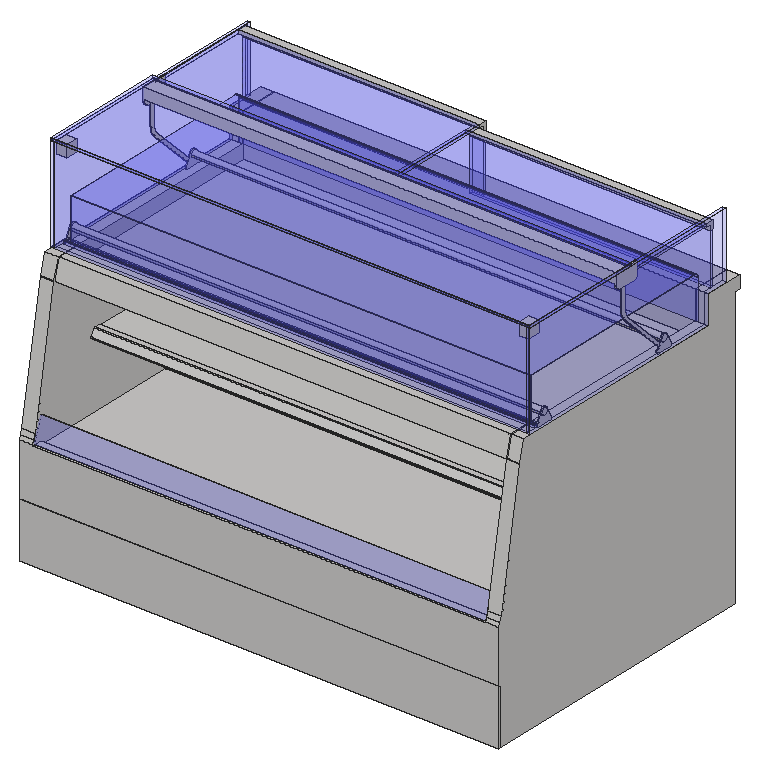
Revit family "Food-Service-Equipment_Oscartek_Gem_Combi-1500Rt_cat", category Specialty Equipment, Revit 2026
Family settings
  Round Connector Dimension = Use Diameter
  Part Type = Normal
  Classification Number = 23.40.40.11.17
  Work Plane-Based = No
  Enable Cutting in Views = No
  Always vertical = Yes
  Cut with Voids When Loaded = No
  Maintain Annotation Orientation = No
  Shared = No
  Room Calculation Point = No
Parameters
  Weight in Pounds = 550
  Watts = if(Phase = 3, Volts * FL Amps * 1.73, Volts * FL Amps)  # 2990 W
  Volts = 230 V
  URL Cutsheet = "www.oscartek.com"
  URL = "www.oscartek.com"
  Type Comments = "As Specified"
  Test Data = "http://www.oscartek.com/company/clients.php"
  Specification by User = ""
  Specification by Manufacturer = ""
  Specification = "https://www.arcat.com/arcatcos/cos48/arc48760.html"
  Serial Number = ""
  Seismic Rating = ""
  Sales Information = "http://www.oscartek.com/company/contact.php"
  SMACNA No = ""
  Revision Code = ""
  Revision = "R1_2018-10"
  Refrigerant Type = "R404A"
  Product Data = "http://www.oscartek.com/support/manuals/"
  Phase = 1
  Number of Poles = 1
  NAFEM Spec ID Number = ""
  Model = "COMBI 1500RT"
  Min Ckt Ampacity = 0 A
  Max Overcurrent Protection = 0 A
  Masterspec = ""
  Manufacturer Website = "http://www.oscartek.com/index.php"
  Manufacturer Phone - Toll Free = "855-885-2400"
  Manufacturer Phone = "650-342-2400"
  Manufacturer Fax = "650-342-7400"
  Manufacturer Address = "361 Beach Rd., Burlingame, CA 94010"
  Manufacturer = "OSCARTEK"
  Length = 59 3/16"  # constant formula
  Item Number = ""
  Installed By = ""
  Installation-Fabrication = "http://www.oscartek.com/support/manuals/"
  Identify Quantity as Lot = yes
  Height = 45 1/4"  # constant formula
  HP = ""
  Green Building-LEED = "https://www.arcat.com/green/green_building.shtml"
  Furnished By = ""
  Foodservice Equipment Identifier = yes
  FL Amps = 13 A
  Electrical Remarks = ""
  Electric Connection Type = ""
  Elec Conn RI Height = 0"
  Elec Conn Connection Height = 0"
  Drawn By = "Sumex Design, Inc. / Robert S. Weygant, CSI, CDT, SCIP"
  Description = "GEM COMBI - REFRIGERATED TOP"
  Depth = 37 1/8"  # constant formula
  Default Elevation = 0"
  Cycle = 60 Hz
  Copyright = "©Arcat Inc."
  Construction Details = "http://www.oscartek.com/support/manuals/"
  Conn Plug = ""
  Conn Conduit = yes
  Category = ""
  CSI MasterFormat = "11 41 13"
  Building Codes = "https://www.arcat.com/arcatcos/cos48/arc48760.html"
  BTUH = 7150.0 Btu/h
  Apparent Power = 0 VA
Reference planes (in)
  plane 1 "BACK": y = 0
  plane 2: z = 0
  plane 3 "LEFT": x = 0
  plane 4 "RIGHT": x = 59.1875
  plane 5 "FRONT": y = -37.125
  plane 6 "TOP": z = 36.625
  plane 7 "Center Y": x = 29.59375
  plane 8 "Center X": y = -18.5625
  plane 9: x = 1.6373
  plane 10: x = 57.5502
  plane 11: z = 5.9375
  plane 12: z = 7.375
  plane 13: z = 13.8125
  plane 14: z = 33
  plane 15: z = 30.4375
  plane 16: z = 45.25
  plane 17: x = 58.7313
  plane 18: x = 3.6058
  plane 19: x = 55.5817
  plane 20: z = 21.83639
  plane 21: x = 57.97266
  plane 22: x = 0.4562
  plane 23: x = 30.1818
  plane 24: x = 29.0007
Forms (in)
  Extrusion 1, solid, material "QF_Metal - Stainless - Polished"
    sketch origin (0, 0, 0) x (0, 1, 0) y (0, 0, 1)
      loop
        line (-4.77926, 36.625) -> (-4.77926, 33) -> (-33.24698, 33) -> (-33.9025, 30.55356) -> (-33.87745, 30.51016) -> (-36.78262, 14.97293)
        arc (-36.78262, 14.97293) -> (-36.8544, 14.66058) -> (-36.95157, 14.35517) r 3.90433
        line (-36.95157, 14.35517) -> (-37.125, 13.87867) -> (-37.125, 7.375) -> (-29.60327, 5.9375) -> (-0.7874, 5.9375) -> (-0.7874, 35.0708) -> (0, 35.0708) -> (0, 36.625) -> (-4.77926, 36.625)
    from 0 to 1.6373
  Extrusion 2, solid, material "QF_Metal - Stainless - Polished"
    sketch origin (0, 0, 0.4375) x (0, 1, 0) y (0, 0, 1)
      loop
        line (-0.7874, 5.5) -> (-0.7874, 34.6333) -> (0, 34.6333) -> (0, 36.1875) -> (-4.77926, 36.1875) -> (-4.77926, 30.84776) -> (-28.08664, 30.84776) -> (-28.08664, 31.1586)
        arc (-28.08664, 31.1586) -> (-28.11814, 31.1901) -> (-28.14963, 31.1586) r 0.0315
        line (-28.14963, 31.1586) -> (-28.14963, 29.3202) -> (-16.66532, 29.3202) -> (-16.66532, 22.11719) -> (-26.972, 22.29709) -> (-26.97076, 22.36793) -> (-27.69527, 22.38743)
        arc (-27.69527, 22.38743) -> (-27.75266, 22.3746) -> (-27.79714, 22.33612) r 0.12041
        line (-27.79714, 22.33612) -> (-28.3288, 21.57683)
        arc (-28.3288, 21.57683) -> (-28.34119, 21.46839) -> (-28.25703, 21.39889) r 0.11443
        line (-28.25703, 21.39889) -> (-16.66532, 19.13217) -> (-16.66532, 5.5) -> (-0.7874, 5.5)
    from 1.6373 to 57.5502
  Extrusion 3, solid, material "QF_Metal - Stainless - Polished"
    sketch origin (0, 0, 0) x (0, 1, 0) y (0, 0, 1)
      loop
        line (-33.24693, 32.97478) -> (-33.89292, 30.56392) -> (-33.42111, 30.4375) -> (-33.31921, 30.81778) -> (-33.43995, 30.85014) -> (-33.5095, 30.59059) -> (-33.74618, 30.65401) -> (-33.15107, 32.875) -> (-30.43211, 32.875) -> (-30.43211, 30.31971) -> (-30.68998, 30.31971) -> (-30.68998, 30.58841) -> (-30.81498, 30.58841) -> (-30.81498, 30.19471) -> (-30.30711, 30.19471) -> (-30.30711, 33) -> (-33.21407, 33)
        arc (-33.21407, 33) -> (-33.23478, 32.99297) -> (-33.24693, 32.97478) r 0.03402
    from 1.6373 to 57.5502
  Extrusion 4, solid, material "QF_Metal - Stainless - Polished"
    sketch origin (59.1875, 0, 0) x (0, -1, 0) y (0, 0, 1)
      loop
        line (4.77926, 36.625) -> (0, 36.625) -> (0, 35.0708) -> (0.7874, 35.0708) -> (0.7874, 5.9375) -> (29.60232, 5.9375) -> (37.125, 7.375) -> (37.125, 13.87867) -> (36.95157, 14.35517)
        arc (36.95157, 14.35517) -> (36.8544, 14.66058) -> (36.78262, 14.97293) r 3.90433
        line (36.78262, 14.97293) -> (33.87745, 30.51016) -> (33.9025, 30.55356) -> (33.24698, 33) -> (4.77926, 33) -> (4.77926, 36.625)
    from 0 to 1.6373
  Extrusion 5, solid, material "Glass"
    sketch origin (0, 0, 0) x (0, 1, 0) y (0, 0, 1)
      loop
        line (-36.9396, 13.8125) -> (-35.87152, 16.74703) -> (-36.0565, 16.81436) -> (-37.12458, 13.87983) -> (-36.9396, 13.8125)
    from 1.6373 to 57.5502
  Extrusion 6, solid, material "Glass"
    sketch origin (0, 0, 0) x (0, 1, 0) y (0, 0, 1)
      loop
        line (-32.36222, 44.8503) -> (-32.36222, 33) -> (-4.77926, 33) -> (-4.77926, 36.625) -> (-2.00463, 36.625) -> (-2.00509, 44.8503) -> (-32.36222, 44.8503)
    from 0 to 0.4562
  Extrusion 7, solid, material "Glass"
    sketch origin (0, 0, 0) x (0, 1, 0) y (0, 0, 1)
      loop
        line (-32.44096, 45.25) -> (-32.44096, 44.8503) -> (-16.69296, 44.8503) -> (-16.69296, 45.25) -> (-32.44096, 45.25)
    from 0 to 59.1875
  Extrusion 8, solid, material "Glass"
    sketch origin (59.1875, 0, 0) x (0, -1, 0) y (0, 0, 1)
      loop
        line (32.36222, 44.8503) -> (2.00509, 44.8503) -> (2.00463, 36.625) -> (4.77926, 36.625) -> (4.77926, 33) -> (32.36222, 33) -> (32.36222, 44.8503)
    from 0 to 0.4562
  Extrusion 9, solid, material "Glass"
    sketch origin (0, 0, 0) x (0, 1, 0) y (0, 0, 1)
      loop
        line (-31.96852, 44.8503) -> (-32.36222, 44.8503) -> (-32.36222, 33) -> (-31.96852, 33) -> (-31.96852, 44.8503)
    from 0 to 58.7313
  Extrusion 10, solid, material "QF_Metal - Stainless - Polished"
    sketch origin (0.4562, 0, 0) x (0, 1, 0) y (0, 0, 1)
      loop
        circle (-11.07481, 34.32474) r 0.3937
      loop
        line (-10.03353, 33.32176) -> (-10.65126, 34.53413)
        arc (-10.65126, 34.53413) -> (-11.07481, 34.79368) -> (-11.49836, 34.53413) r 0.47536
        line (-11.49836, 34.53413) -> (-12.12122, 33.31168)
        arc (-12.12122, 33.31168) -> (-12.113, 33.10236) -> (-11.93023, 33) r 0.21436
        line (-11.93023, 33) -> (-10.23071, 33)
        arc (-10.23071, 33) -> (-10.04202, 33.10567) -> (-10.03353, 33.32176) r 0.22129
      loop
        circle (-29.58081, 34.32474) r 0.3937
      loop
        line (-28.53953, 33.32176) -> (-29.15726, 34.53413)
        arc (-29.15726, 34.53413) -> (-29.58081, 34.79368) -> (-30.00435, 34.53413) r 0.47536
        line (-30.00435, 34.53413) -> (-30.62722, 33.31168)
        arc (-30.62722, 33.31168) -> (-30.619, 33.10236) -> (-30.43622, 33) r 0.21436
        line (-30.43622, 33) -> (-28.7367, 33)
        arc (-28.7367, 33) -> (-28.54802, 33.10567) -> (-28.53953, 33.32176) r 0.22129
    from 0.125 to 0
  Extrusion 11, solid, material "QF_Metal - Stainless - Polished"
    sketch origin (58.7313, 0, 0) x (0, 1, 0) y (0, 0, 1)
      loop
        circle (-11.07481, 34.32474) r 0.3937
      loop
        line (-10.03353, 33.32176) -> (-10.65126, 34.53413)
        arc (-10.65126, 34.53413) -> (-11.07481, 34.79368) -> (-11.49836, 34.53413) r 0.47536
        line (-11.49836, 34.53413) -> (-12.12122, 33.31168)
        arc (-12.12122, 33.31168) -> (-12.113, 33.10236) -> (-11.93023, 33) r 0.21436
        line (-11.93023, 33) -> (-10.23071, 33)
        arc (-10.23071, 33) -> (-10.04202, 33.10567) -> (-10.03353, 33.32176) r 0.22129
      loop
        circle (-29.58081, 34.32474) r 0.3937
      loop
        line (-28.53953, 33.32176) -> (-29.15726, 34.53413)
        arc (-29.15726, 34.53413) -> (-29.58081, 34.79368) -> (-30.00435, 34.53413) r 0.47536
        line (-30.00435, 34.53413) -> (-30.62722, 33.31168)
        arc (-30.62722, 33.31168) -> (-30.619, 33.10236) -> (-30.43622, 33) r 0.21436
        line (-30.43622, 33) -> (-28.7367, 33)
        arc (-28.7367, 33) -> (-28.54802, 33.10567) -> (-28.53953, 33.32176) r 0.22129
    from 0 to -0.125
  Extrusion 12, solid, material "QF_Metal - Stainless - Polished"
    sketch origin (58.7313, 0, 0) x (0, 1, 0) y (0, 0, 1)
      loop
        circle (-29.58081, 34.32474) r 0.3937
      loop
        line (-28.53953, 33.32176) -> (-29.15726, 34.53413)
        arc (-29.15726, 34.53413) -> (-29.58081, 34.79368) -> (-30.00435, 34.53413) r 0.47536
        line (-30.00435, 34.53413) -> (-30.62722, 33.31168)
        arc (-30.62722, 33.31168) -> (-30.619, 33.10236) -> (-30.43622, 33) r 0.21436
        line (-30.43622, 33) -> (-28.7367, 33)
        arc (-28.7367, 33) -> (-28.54802, 33.10567) -> (-28.53953, 33.32176) r 0.22129
      loop
        line (-17.21531, 42.79557) -> (-17.60901, 42.79557) -> (-17.60901, 40.32902)
        arc (-17.60901, 40.32902) -> (-17.42512, 39.41526) -> (-16.90209, 38.64377) r 2.3622
        line (-16.90209, 38.64377) -> (-11.90517, 33.73571) -> (-11.71777, 34.1035) -> (-16.62621, 38.92465)
        arc (-16.62621, 38.92465) -> (-17.06207, 39.56756) -> (-17.21531, 40.32902) r 1.9685
        line (-17.21531, 40.32902) -> (-17.21531, 42.79557)
    from 0 to -0.125
  Extrusion 13, solid, material "QF_Metal - Stainless - Polished"
    sketch origin (0.4562, 0, 0) x (0, 1, 0) y (0, 0, 1)
      loop
        circle (-29.58081, 34.32474) r 0.3937
      loop
        line (-28.53953, 33.32176) -> (-29.15726, 34.53413)
        arc (-29.15726, 34.53413) -> (-29.58081, 34.79368) -> (-30.00435, 34.53413) r 0.47536
        line (-30.00435, 34.53413) -> (-30.62722, 33.31168)
        arc (-30.62722, 33.31168) -> (-30.619, 33.10236) -> (-30.43622, 33) r 0.21436
        line (-30.43622, 33) -> (-28.7367, 33)
        arc (-28.7367, 33) -> (-28.54802, 33.10567) -> (-28.53953, 33.32176) r 0.22129
      loop
        line (-17.21531, 42.79557) -> (-17.60901, 42.79557) -> (-17.60901, 40.32902)
        arc (-17.60901, 40.32902) -> (-17.42512, 39.41526) -> (-16.90209, 38.64377) r 2.3622
        line (-16.90209, 38.64377) -> (-11.90517, 33.73571) -> (-11.71777, 34.1035) -> (-16.62621, 38.92465)
        arc (-16.62621, 38.92465) -> (-17.06207, 39.56756) -> (-17.21531, 40.32902) r 1.9685
        line (-17.21531, 40.32902) -> (-17.21531, 42.79557)
    from 0 to 0.125
  Extrusion 14, solid, material "Glass"
    sketch origin (0, 0, 0) x (0, 1, 0) y (0, 0, 1)
      loop
        line (-30.78109, 38.53721) -> (-30.78109, 33.12398) -> (-30.62361, 33.12398) -> (-30.62361, 38.47471) -> (-5.3775, 38.47471)
        arc (-5.3775, 38.47471) -> (-4.99868, 38.31779) -> (-4.84176, 37.93897) r 0.53574
        line (-4.84176, 37.93897) -> (-4.84176, 33) -> (-4.77926, 33) -> (-4.77926, 37.93897)
        arc (-4.77926, 37.93897) -> (-4.95448, 38.36199) -> (-5.3775, 38.53721) r 0.59824
        line (-5.3775, 38.53721) -> (-30.78109, 38.53721)
    from 1.21484 to 57.97266
  Extrusion 15, solid, material "Glass"
    sketch origin (0, 0, 0) x (0, 1, 0) y (0, 0, 1)
      loop
        line (-30.80077, 33.41911) -> (-31.05668, 33.41911) -> (-31.09605, 33.37974) -> (-31.09605, 33.02541) -> (-30.30865, 33.02541) -> (-30.30865, 33.37974) -> (-30.34802, 33.41911) -> (-30.60392, 33.41911) -> (-30.60392, 33.12398) -> (-30.80077, 33.12398) -> (-30.80077, 33.41911)
    from 0.5812 to 58.7313
  Extrusion 16, solid, material "QF_Metal - Stainless - Polished"
    sketch origin (0, 0, 0) x (0, 1, 0) y (0, 0, 1)
      loop
        circle (-29.58081, 34.32474) r 0.3937
      loop
        circle (-11.07481, 34.32474) r 0.3937
    from 0.5812 to 58.7313
  Extrusion 17, solid, material "QF_Metal - Stainless - Polished"
    sketch origin (0, 0, 0) x (0, 1, 0) y (0, 0, 1)
      loop
        line (-29.35821, 4.44094) -> (-29.35821, 5.85432) -> (-28.33853, 5.85432) -> (-28.33853, 5.1778)
        arc (-28.33853, 5.1778) -> (-28.31874, 5.13002) -> (-28.27096, 5.11023) r 0.06757
        line (-28.27096, 5.11023) -> (-25.05661, 5.11023)
        arc (-25.05661, 5.11023) -> (-25.00541, 5.13143) -> (-24.9842, 5.18263) r 0.0724
        line (-24.9842, 5.18263) -> (-24.9842, 5.85432) -> (-23.96452, 5.85432) -> (-23.96452, 4.44094) -> (-24.30428, 4.44094) -> (-24.30428, 4.38188) -> (-23.97103, 4.38188)
        arc (-23.97103, 4.38188) -> (-23.92467, 4.40108) -> (-23.90546, 4.44745) r 0.06557
        line (-23.90546, 4.44745) -> (-23.90546, 5.84303)
        arc (-23.90546, 5.84303) -> (-23.92607, 5.89277) -> (-23.97581, 5.91337) r 0.07035
        line (-23.97581, 5.91337) -> (-24.97633, 5.91337)
        arc (-24.97633, 5.91337) -> (-25.02365, 5.89377) -> (-25.04326, 5.84644) r 0.06693
        line (-25.04326, 5.84644) -> (-25.04326, 5.16928) -> (-28.27947, 5.16928) -> (-28.27947, 5.84644)
        arc (-28.27947, 5.84644) -> (-28.29907, 5.89377) -> (-28.3464, 5.91337) r 0.06693
        line (-28.3464, 5.91337) -> (-29.35033, 5.91337)
        arc (-29.35033, 5.91337) -> (-29.39766, 5.89377) -> (-29.41726, 5.84644) r 0.06693
        line (-29.41726, 5.84644) -> (-29.41726, 4.44881)
        arc (-29.41726, 4.44881) -> (-29.39766, 4.40148) -> (-29.35033, 4.38188) r 0.06693
        line (-29.35033, 4.38188) -> (-29.01845, 4.38188) -> (-29.01845, 4.44094) -> (-29.35821, 4.44094)
      loop
        line (-6.43699, 4.44094) -> (-6.43699, 5.85432) -> (-5.41731, 5.85432) -> (-5.41731, 5.1778)
        arc (-5.41731, 5.1778) -> (-5.39752, 5.13002) -> (-5.34974, 5.11023) r 0.06757
        line (-5.34974, 5.11023) -> (-2.13539, 5.11023)
        arc (-2.13539, 5.11023) -> (-2.08419, 5.13143) -> (-2.06299, 5.18263) r 0.0724
        line (-2.06299, 5.18263) -> (-2.06299, 5.85432) -> (-1.0433, 5.85432) -> (-1.0433, 4.44094) -> (-1.38307, 4.44094) -> (-1.38307, 4.38188) -> (-1.04982, 4.38188)
        arc (-1.04982, 4.38188) -> (-1.00345, 4.40108) -> (-0.98425, 4.44745) r 0.06557
        line (-0.98425, 4.44745) -> (-0.98425, 5.84303)
        arc (-0.98425, 5.84303) -> (-1.00485, 5.89277) -> (-1.0546, 5.91337) r 0.07035
        line (-1.0546, 5.91337) -> (-2.05511, 5.91337)
        arc (-2.05511, 5.91337) -> (-2.10244, 5.89377) -> (-2.12204, 5.84644) r 0.06693
        line (-2.12204, 5.84644) -> (-2.12204, 5.16928) -> (-5.35826, 5.16928) -> (-5.35826, 5.84644)
        arc (-5.35826, 5.84644) -> (-5.37786, 5.89377) -> (-5.42519, 5.91337) r 0.06693
        line (-5.42519, 5.91337) -> (-6.42912, 5.91337)
        arc (-6.42912, 5.91337) -> (-6.47645, 5.89377) -> (-6.49605, 5.84644) r 0.06693
        line (-6.49605, 5.84644) -> (-6.49605, 4.44881)
        arc (-6.49605, 4.44881) -> (-6.47645, 4.40148) -> (-6.42912, 4.38188) r 0.06693
        line (-6.42912, 4.38188) -> (-6.09723, 4.38188) -> (-6.09723, 4.44094) -> (-6.43699, 4.44094)
    from 0 to 59.1875
  Revolve 18, solid, material "QF_Metal - Stainless - Polished"
    sketch origin (3.6058, -180, 0.27559) x (0, 0, 1) y (0, -1, 0)
      loop
        line (-0.27559, -153.33864) -> (4.83464, -153.33864) -> (4.83464, -152.15754) -> (4.64369, -152.15754) -> (4.64369, -152.23628) -> (1.69276, -152.23628)
        arc (1.69276, -152.23628) -> (1.50528, -152.30276) -> (1.40157, -152.4725) r 0.29758
        line (1.40157, -152.4725) -> (-0.27559, -152.4725) -> (-0.27559, -153.33864)
      axis (-0.27559, -153.33864) -> (4.83464, -153.33864)
    angle from 0 to 360
  Revolve 19, solid, material "QF_Metal - Stainless - Polished"
    sketch origin (3.6058, -180, 0.27559) x (0, 0, 1) y (0, -1, 0)
      loop
        line (-0.27559, -176.25985) -> (4.83464, -176.25985) -> (4.83464, -175.07875) -> (4.64369, -175.07875) -> (4.64369, -175.15749) -> (1.69276, -175.15749)
        arc (1.69276, -175.15749) -> (1.50528, -175.22397) -> (1.40157, -175.39371) r 0.29758
        line (1.40157, -175.39371) -> (-0.27559, -175.39371) -> (-0.27559, -176.25985)
      axis (-0.27559, -176.25985) -> (4.83464, -176.25985)
    angle from 0 to 360
  Revolve 20, solid, material "QF_Metal - Stainless - Polished"
    sketch origin (55.5817, -180, 0.27559) x (0, 0, 1) y (0, -1, 0)
      loop
        line (-0.27559, -153.33864) -> (4.83464, -153.33864) -> (4.83464, -152.15754) -> (4.64369, -152.15754) -> (4.64369, -152.23628) -> (1.69276, -152.23628)
        arc (1.69276, -152.23628) -> (1.50528, -152.30276) -> (1.40157, -152.4725) r 0.29758
        line (1.40157, -152.4725) -> (-0.27559, -152.4725) -> (-0.27559, -153.33864)
      axis (-0.27559, -153.33864) -> (4.83464, -153.33864)
    angle from 0 to 360
  Revolve 21, solid, material "QF_Metal - Stainless - Polished"
    sketch origin (55.5817, -180, 0.27559) x (0, 0, 1) y (0, -1, 0)
      loop
        line (-0.27559, -176.25985) -> (4.83464, -176.25985) -> (4.83464, -175.07875) -> (4.64369, -175.07875) -> (4.64369, -175.15749) -> (1.69276, -175.15749)
        arc (1.69276, -175.15749) -> (1.50528, -175.22397) -> (1.40157, -175.39371) r 0.29758
        line (1.40157, -175.39371) -> (-0.27559, -175.39371) -> (-0.27559, -176.25985)
      axis (-0.27559, -176.25985) -> (4.83464, -176.25985)
    angle from 0 to 360
  Extrusion 22, solid, material "QF_Metal - Stainless - Polished"
    sketch origin (0, 0, 0) x (0, 1, 0) y (0, 0, 1)
      loop
        line (-24.30428, 4.38188) -> (-24.30428, 3.98818) -> (-17.33493, 3.98818) -> (-17.03129, 2.17136)
        arc (-17.03129, 2.17136) -> (-16.88935, 1.92167) -> (-16.61968, 1.82283) r 0.41732
        line (-16.61968, 1.82283) -> (-3.20818, 1.82283)
        arc (-3.20818, 1.82283) -> (-2.92983, 1.92484) -> (-2.78333, 2.18257) r 0.43074
        line (-2.78333, 2.18257) -> (-2.48157, 3.98818) -> (-1.38307, 3.98818) -> (-1.38307, 4.38188) -> (-24.30428, 4.38188)
    from 3.6058 to 55.5817
  Extrusion 23, solid, material "QF_Metal - Stainless - Polished"
    sketch origin (9.84375, -0.7874, 26.69127) x (0, 0, 1) y (1, 0, 0)
      loop
        line (-9.618, 22.91512) -> (-9.618, 12.00963) -> (-9.3263, 12.00963)
        arc (-9.3263, 12.00963) -> (-9.12305, 12.07758) -> (-9.00152, 12.25411) r 0.33797
        line (-9.00152, 12.25411) -> (-8.35229, 14.50956)
        arc (-8.35229, 14.50956) -> (-8.29772, 14.76529) -> (-8.27942, 15.02614) r 1.86747
        line (-8.27942, 15.02614) -> (-8.27942, 19.89862)
        arc (-8.27942, 19.89862) -> (-8.29772, 20.15946) -> (-8.35229, 20.4152) r 1.86747
        line (-8.35229, 20.4152) -> (-9.00152, 22.67064)
        arc (-9.00152, 22.67064) -> (-9.12305, 22.84717) -> (-9.3263, 22.91512) r 0.33797
        line (-9.3263, 22.91512) -> (-9.618, 22.91512)
    from 0 to 0.25
  Extrusion 24, solid, material "QF_Metal - Stainless - Polished"
    sketch origin (0, 0.98583, 0) x (0, 1, 0) y (0, 0, 1)
      loop
        line (-3.86928, 44.73466) -> (-4.86928, 44.73466) -> (-4.86928, 44.3882) -> (-4.22897, 44.3882) -> (-4.22897, 43.73466) -> (-3.86928, 43.73466) -> (-3.86928, 44.73466)
    from 0.4562 to 30.1818
  Extrusion 25, solid, material "Glass"
    sketch origin (0, -0.78748, 0) x (0, 1, 0) y (0, 0, 1)
      loop
        line (-2.09597, 43.73466) -> (-2.45567, 43.73466) -> (-2.45567, 36.625) -> (-2.09597, 36.625) -> (-2.09597, 43.73466)
      loop
        line (-16.11596, 44.3882) -> (-3.09597, 44.3882) -> (-3.09597, 44.73466) -> (-16.11596, 44.73466) -> (-16.11596, 44.3882)
    from 0.4562 to 30.1818
  Extrusion 26, solid, material "Glass"
    sketch origin (0, -0.78748, -0.70719) x (0, 1, 0) y (0, 0, 1)
      loop
        line (-3.72589, 44.73466) -> (-16.69993, 44.73466) -> (-16.69993, 44.3882) -> (-3.72589, 44.3882) -> (-3.72589, 44.73466)
      loop
        line (-2.72589, 43.73466) -> (-3.08559, 43.73466) -> (-3.08559, 37.33219) -> (-2.72589, 37.33219) -> (-2.72589, 43.73466)
    from 29.0007 to 58.7313
  Extrusion 27, solid, material "QF_Metal - Stainless - Polished"
    sketch origin (0, -0.78748, 0) x (0, 1, 0) y (0, 0, 1)
      loop
        line (-17.73013, 43.55109) -> (-17.64155, 43.55109) -> (-17.64155, 43.84534) -> (-16.78525, 43.84534) -> (-16.78525, 43.43298) -> (-16.69993, 43.43298) -> (-16.69993, 44.05503) -> (-16.11596, 44.05503) -> (-16.11596, 44.8503) -> (-17.73013, 44.8503) -> (-17.73013, 43.55109)
    from 0.4562 to 58.7313
  Extrusion 28, solid, material "QF_Metal - Stainless - Polished"
    sketch origin (0, 0.35591, -0.70719) x (0, 1, 0) y (0, 0, 1)
      loop
        line (-3.86928, 44.73466) -> (-4.86928, 44.73466) -> (-4.86928, 44.3882) -> (-4.22897, 44.3882) -> (-4.22897, 43.73466) -> (-3.86928, 43.73466) -> (-3.86928, 44.73466)
    from 29.0007 to 58.7313
  Extrusion 29, solid, material "QF_Metal - Stainless - Polished"
    sketch origin (58.7313, -180, 44.8503) x (0, 0, -1) y (0, -1, 0)
      loop
        line (1.57094, -161.48239) -> (0, -161.48239) -> (0, -164.52367) -> (1.58275, -164.52367)
        arc (1.58275, -164.52367) -> (1.91682, -164.3853) -> (2.05519, -164.05123) r 0.47244
        line (2.05519, -164.05123) -> (2.05519, -161.96664)
        arc (2.05519, -161.96664) -> (1.91336, -161.62422) -> (1.57094, -161.48239) r 0.48425
    from 0.125 to -0.125
  Extrusion 30, solid, material "QF_Metal - Stainless - Polished"
    sketch origin (59.1875, 0, 0) x (0, -1, 0) y (0, 0, 1)
      loop
        line (31.96852, 44.8503) -> (30.46852, 44.8503) -> (30.46852, 43.3503) -> (31.96852, 43.3503) -> (31.96852, 44.8503)
    from 0.4562 to 1.6373
  Extrusion 31, solid, material "QF_Metal - Stainless - Polished"
    sketch origin (0, 0, 0) x (0, 1, 0) y (0, 0, 1)
      loop
        line (-31.96852, 44.8503) -> (-31.96852, 43.3503) -> (-30.46852, 43.3503) -> (-30.46852, 44.8503) -> (-31.96852, 44.8503)
    from 0.4562 to 1.6373
  Extrusion 32, solid, material "QF_Metal - Stainless - Polished"
    sketch origin (0.4562, -180, 44.8503) x (0, 0, -1) y (0, -1, 0)
      loop
        line (1.57094, -161.48239) -> (0, -161.48239) -> (0, -164.52367) -> (1.58275, -164.52367)
        arc (1.58275, -164.52367) -> (1.91682, -164.3853) -> (2.05519, -164.05123) r 0.47244
        line (2.05519, -164.05123) -> (2.05519, -161.96664)
        arc (2.05519, -161.96664) -> (1.91336, -161.62422) -> (1.57094, -161.48239) r 0.48425
    from -0.125 to 0.125
  Extrusion 33, solid, material "QF_Metal - Stainless - Polished"
    sketch origin (0, -37.125, -23.5625) x (0, 0, 1) y (-1, 0, 0)
      loop
        line (30.9375, 0) -> (24.0625, 0) -> (24.0625, -59.1875) -> (30.9375, -59.1875) -> (30.9375, 0)
    from 0 to -0.125
  Revolve 34, solid, material "QF_Metal - Stainless - Polished"
    sketch origin (27.31232, 0.11851, 1.92071) x (0, 1, 0) y (0, 0, 1)
      loop
        line (-0.90591, 11.24112) -> (-0.22034, 11.24112) -> (-0.22034, 12.15639) -> (-0.43074, 12.52081) -> (-0.90591, 12.52081) -> (-0.90591, 11.24112)
      axis (-0.22034, 11.24112) -> (-0.90591, 11.24112)
    angle from 0 to 360
  Extrusion 35, solid, material "QF_Metal - Stainless - Polished"
    sketch origin (16.07067, -0.00605, 33.04465) x (0, 0, -1) y (1, 0, 0)
      loop
        line (19.88255, 12.52108) -> (19.48232, 12.12085) -> (19.78523, 9.96555)
        arc (19.78523, 9.96555) -> (19.88252, 9.9617) -> (19.97983, 9.96527) r 1.27969
        line (19.97983, 9.96527) -> (20.28277, 12.12085) -> (19.88255, 12.52108)
    from 0 to 0.30618
  Extrusion 36, solid, material "QF_Metal - Stainless - Polished"
    sketch origin (59.1875, 0, 0) x (0, 1, 0) y (0, 0, 1)
      loop
        line (-29.60232, 5.9375) -> (-37, 7.35111) -> (-37, 0.5) -> (-0.7874, 0.5) -> (-0.7874, 5.9375) -> (-29.60232, 5.9375)
    from 0 to -0.125
  Extrusion 37, solid, material "QF_Metal - Stainless - Polished"
    sketch origin (0, 0, 0) x (0, -1, 0) y (0, 0, 1)
      loop
        line (29.60232, 5.9375) -> (0.7874, 5.9375) -> (0.7874, 0.5) -> (37, 0.5) -> (37, 7.35111) -> (29.60232, 5.9375)
    from 0 to -0.125
  Extrusion 38, solid, material "QF_Metal - Stainless - Polished", not visible
    sketch origin (0, -0.7874, 26.69127) x (0, 0, 1) y (1, 0, 0)
      loop
        line (-9.618, 22.91512) -> (-9.618, 12.00963) -> (-9.3263, 12.00963)
        arc (-9.3263, 12.00963) -> (-9.12305, 12.07758) -> (-9.00152, 12.25411) r 0.33797
        line (-9.00152, 12.25411) -> (-8.35229, 14.50956)
        arc (-8.35229, 14.50956) -> (-8.29772, 14.76529) -> (-8.27942, 15.02614) r 1.86747
        line (-8.27942, 15.02614) -> (-8.27942, 19.89862)
        arc (-8.27942, 19.89862) -> (-8.29772, 20.15946) -> (-8.35229, 20.4152) r 1.86747
        line (-8.35229, 20.4152) -> (-9.00152, 22.67064)
        arc (-9.00152, 22.67064) -> (-9.12305, 22.84717) -> (-9.3263, 22.91512) r 0.33797
        line (-9.3263, 22.91512) -> (-9.618, 22.91512)
    from 0 to 0.25
  Revolve 39, solid, material "QF_Metal - Stainless - Polished", not visible
    sketch origin (17.46857, 0.11851, 1.92071) x (0, 1, 0) y (0, 0, 1)
      loop
        line (-0.90591, 11.24112) -> (-0.22034, 11.24112) -> (-0.22034, 12.15639) -> (-0.43074, 12.52081) -> (-0.90591, 12.52081) -> (-0.90591, 11.24112)
      axis (-0.22034, 11.24112) -> (-0.90591, 11.24112)
    angle from 0 to 360
  Extrusion 40, solid, material "QF_Metal - Stainless - Polished", not visible
    sketch origin (6.22692, -0.00605, 33.04465) x (0, 0, -1) y (1, 0, 0)
      loop
        line (19.88255, 12.52108) -> (19.48232, 12.12085) -> (19.78523, 9.96555)
        arc (19.78523, 9.96555) -> (19.88252, 9.9617) -> (19.97983, 9.96527) r 1.27969
        line (19.97983, 9.96527) -> (20.28277, 12.12085) -> (19.88255, 12.52108)
    from 0 to 0.30618
  Extrusion 41, solid, material "QF_Metal - Stainless - Polished"
    sketch origin (0, 0, 0) x (0, 1, 0) y (0, 0, 1)
      loop
        line (-16.66532, 13.375) -> (-35.96449, 13.375) -> (-35.96449, 13.8125) -> (-37.125, 13.8125) -> (-37.125, 7.375) -> (-29.60232, 5.9375) -> (-16.66532, 5.9375) -> (-16.66532, 13.375)
    from 1.6373 to 57.5502
Cuts and joins
  joined: Extrusion 27, Extrusion 29, Extrusion 32
  joined: Revolve 34, Extrusion 35
  joined: Extrusion 1, Extrusion 4, Extrusion 17, Extrusion 36, Extrusion 37, Extrusion 41
Lines and regions (in)
  Split face 1
    outline origin (47.41942, -0.7874, 26.69127) x (0, 0, 1) y (1, 0, 0)
      loop
        line (-11.11742, -43.78699) -> (-11.11742, -42.91639)
        arc (-11.11742, -42.91639) -> (-11.12085, -42.86749) -> (-11.13107, -42.81955) r 0.35039
        line (-11.13107, -42.81955) -> (-11.2465, -42.41815)
        arc (-11.2465, -42.41815) -> (-11.2717, -42.38154) -> (-11.31385, -42.36744) r 0.07008
        line (-11.31385, -42.36744) -> (-11.41227, -42.36744) -> (-11.41227, -44.33594) -> (-11.31385, -44.33594)
        arc (-11.31385, -44.33594) -> (-11.2717, -44.32184) -> (-11.2465, -44.28523) r 0.07008
        line (-11.2465, -44.28523) -> (-11.13107, -43.88383)
        arc (-11.13107, -43.88383) -> (-11.12085, -43.83589) -> (-11.11742, -43.78699) r 0.35039
  Split face 2
    outline origin (47.41942, -0.7874, 25.69127) x (0, 0, 1) y (1, 0, 0)
      loop
        line (-11.11742, -43.78699) -> (-11.11742, -42.91639)
        arc (-11.11742, -42.91639) -> (-11.12085, -42.86749) -> (-11.13107, -42.81955) r 0.35039
        line (-11.13107, -42.81955) -> (-11.2465, -42.41815)
        arc (-11.2465, -42.41815) -> (-11.2717, -42.38154) -> (-11.31385, -42.36744) r 0.07008
        line (-11.31385, -42.36744) -> (-11.41227, -42.36744) -> (-11.41227, -44.33594) -> (-11.31385, -44.33594)
        arc (-11.31385, -44.33594) -> (-11.2717, -44.32184) -> (-11.2465, -44.28523) r 0.07008
        line (-11.2465, -44.28523) -> (-11.13107, -43.88383)
        arc (-11.13107, -43.88383) -> (-11.12085, -43.83589) -> (-11.11742, -43.78699) r 0.35039
  Split face 3
    outline origin (47.41942, -0.7874, 24.69127) x (0, 0, 1) y (1, 0, 0)
      loop
        line (-11.11742, -43.78699) -> (-11.11742, -42.91639)
        arc (-11.11742, -42.91639) -> (-11.12085, -42.86749) -> (-11.13107, -42.81955) r 0.35039
        line (-11.13107, -42.81955) -> (-11.2465, -42.41815)
        arc (-11.2465, -42.41815) -> (-11.2717, -42.38154) -> (-11.31385, -42.36744) r 0.07008
        line (-11.31385, -42.36744) -> (-11.41227, -42.36744) -> (-11.41227, -44.33594) -> (-11.31385, -44.33594)
        arc (-11.31385, -44.33594) -> (-11.2717, -44.32184) -> (-11.2465, -44.28523) r 0.07008
        line (-11.2465, -44.28523) -> (-11.13107, -43.88383)
        arc (-11.13107, -43.88383) -> (-11.12085, -43.83589) -> (-11.11742, -43.78699) r 0.35039
  Split face 4
    outline origin (47.41942, -0.7874, 23.69127) x (0, 0, 1) y (1, 0, 0)
      loop
        line (-11.11742, -43.78699) -> (-11.11742, -42.91639)
        arc (-11.11742, -42.91639) -> (-11.12085, -42.86749) -> (-11.13107, -42.81955) r 0.35039
        line (-11.13107, -42.81955) -> (-11.2465, -42.41815)
        arc (-11.2465, -42.41815) -> (-11.2717, -42.38154) -> (-11.31385, -42.36744) r 0.07008
        line (-11.31385, -42.36744) -> (-11.41227, -42.36744) -> (-11.41227, -44.33594) -> (-11.31385, -44.33594)
        arc (-11.31385, -44.33594) -> (-11.2717, -44.32184) -> (-11.2465, -44.28523) r 0.07008
        line (-11.2465, -44.28523) -> (-11.13107, -43.88383)
        arc (-11.13107, -43.88383) -> (-11.12085, -43.83589) -> (-11.11742, -43.78699) r 0.35039
  Split face 5
    outline origin (47.41942, -0.7874, 22.69127) x (0, 0, 1) y (1, 0, 0)
      loop
        line (-11.11742, -43.78699) -> (-11.11742, -42.91639)
        arc (-11.11742, -42.91639) -> (-11.12085, -42.86749) -> (-11.13107, -42.81955) r 0.35039
        line (-11.13107, -42.81955) -> (-11.2465, -42.41815)
        arc (-11.2465, -42.41815) -> (-11.2717, -42.38154) -> (-11.31385, -42.36744) r 0.07008
        line (-11.31385, -42.36744) -> (-11.41227, -42.36744) -> (-11.41227, -44.33594) -> (-11.31385, -44.33594)
        arc (-11.31385, -44.33594) -> (-11.2717, -44.32184) -> (-11.2465, -44.28523) r 0.07008
        line (-11.2465, -44.28523) -> (-11.13107, -43.88383)
        arc (-11.13107, -43.88383) -> (-11.12085, -43.83589) -> (-11.11742, -43.78699) r 0.35039
  Split face 6
    outline origin (47.41942, -0.7874, 21.69127) x (0, 0, 1) y (1, 0, 0)
      loop
        line (-11.11742, -43.78699) -> (-11.11742, -42.91639)
        arc (-11.11742, -42.91639) -> (-11.12085, -42.86749) -> (-11.13107, -42.81955) r 0.35039
        line (-11.13107, -42.81955) -> (-11.2465, -42.41815)
        arc (-11.2465, -42.41815) -> (-11.2717, -42.38154) -> (-11.31385, -42.36744) r 0.07008
        line (-11.31385, -42.36744) -> (-11.41227, -42.36744) -> (-11.41227, -44.33594) -> (-11.31385, -44.33594)
        arc (-11.31385, -44.33594) -> (-11.2717, -44.32184) -> (-11.2465, -44.28523) r 0.07008
        line (-11.2465, -44.28523) -> (-11.13107, -43.88383)
        arc (-11.13107, -43.88383) -> (-11.12085, -43.83589) -> (-11.11742, -43.78699) r 0.35039
  Split face 7
    outline origin (47.41942, -0.7874, 20.69127) x (0, 0, 1) y (1, 0, 0)
      loop
        line (-11.11742, -43.78699) -> (-11.11742, -42.91639)
        arc (-11.11742, -42.91639) -> (-11.12085, -42.86749) -> (-11.13107, -42.81955) r 0.35039
        line (-11.13107, -42.81955) -> (-11.2465, -42.41815)
        arc (-11.2465, -42.41815) -> (-11.2717, -42.38154) -> (-11.31385, -42.36744) r 0.07008
        line (-11.31385, -42.36744) -> (-11.41227, -42.36744) -> (-11.41227, -44.33594) -> (-11.31385, -44.33594)
        arc (-11.31385, -44.33594) -> (-11.2717, -44.32184) -> (-11.2465, -44.28523) r 0.07008
        line (-11.2465, -44.28523) -> (-11.13107, -43.88383)
        arc (-11.13107, -43.88383) -> (-11.12085, -43.83589) -> (-11.11742, -43.78699) r 0.35039
  Split face 8
    outline origin (47.41942, -0.7874, 19.69127) x (0, 0, 1) y (1, 0, 0)
      loop
        line (-11.11742, -43.78699) -> (-11.11742, -42.91639)
        arc (-11.11742, -42.91639) -> (-11.12085, -42.86749) -> (-11.13107, -42.81955) r 0.35039
        line (-11.13107, -42.81955) -> (-11.2465, -42.41815)
        arc (-11.2465, -42.41815) -> (-11.2717, -42.38154) -> (-11.31385, -42.36744) r 0.07008
        line (-11.31385, -42.36744) -> (-11.41227, -42.36744) -> (-11.41227, -44.33594) -> (-11.31385, -44.33594)
        arc (-11.31385, -44.33594) -> (-11.2717, -44.32184) -> (-11.2465, -44.28523) r 0.07008
        line (-11.2465, -44.28523) -> (-11.13107, -43.88383)
        arc (-11.13107, -43.88383) -> (-11.12085, -43.83589) -> (-11.11742, -43.78699) r 0.35039
  Split face 9
    outline origin (47.41942, -0.7874, 18.69127) x (0, 0, 1) y (1, 0, 0)
      loop
        line (-11.11742, -43.78699) -> (-11.11742, -42.91639)
        arc (-11.11742, -42.91639) -> (-11.12085, -42.86749) -> (-11.13107, -42.81955) r 0.35039
        line (-11.13107, -42.81955) -> (-11.2465, -42.41815)
        arc (-11.2465, -42.41815) -> (-11.2717, -42.38154) -> (-11.31385, -42.36744) r 0.07008
        line (-11.31385, -42.36744) -> (-11.41227, -42.36744) -> (-11.41227, -44.33594) -> (-11.31385, -44.33594)
        arc (-11.31385, -44.33594) -> (-11.2717, -44.32184) -> (-11.2465, -44.28523) r 0.07008
        line (-11.2465, -44.28523) -> (-11.13107, -43.88383)
        arc (-11.13107, -43.88383) -> (-11.12085, -43.83589) -> (-11.11742, -43.78699) r 0.35039
  Split face 10
    outline origin (47.41942, -0.7874, 17.69127) x (0, 0, 1) y (1, 0, 0)
      loop
        line (-11.11742, -43.78699) -> (-11.11742, -42.91639)
        arc (-11.11742, -42.91639) -> (-11.12085, -42.86749) -> (-11.13107, -42.81955) r 0.35039
        line (-11.13107, -42.81955) -> (-11.2465, -42.41815)
        arc (-11.2465, -42.41815) -> (-11.2717, -42.38154) -> (-11.31385, -42.36744) r 0.07008
        line (-11.31385, -42.36744) -> (-11.41227, -42.36744) -> (-11.41227, -44.33594) -> (-11.31385, -44.33594)
        arc (-11.31385, -44.33594) -> (-11.2717, -44.32184) -> (-11.2465, -44.28523) r 0.07008
        line (-11.2465, -44.28523) -> (-11.13107, -43.88383)
        arc (-11.13107, -43.88383) -> (-11.12085, -43.83589) -> (-11.11742, -43.78699) r 0.35039
  Split face 11
    outline origin (49.66942, -0.7874, 26.69127) x (0, 0, 1) y (1, 0, 0)
      loop
        line (-11.11742, -43.78699) -> (-11.11742, -42.91639)
        arc (-11.11742, -42.91639) -> (-11.12085, -42.86749) -> (-11.13107, -42.81955) r 0.35039
        line (-11.13107, -42.81955) -> (-11.2465, -42.41815)
        arc (-11.2465, -42.41815) -> (-11.2717, -42.38154) -> (-11.31385, -42.36744) r 0.07008
        line (-11.31385, -42.36744) -> (-11.41227, -42.36744) -> (-11.41227, -44.33594) -> (-11.31385, -44.33594)
        arc (-11.31385, -44.33594) -> (-11.2717, -44.32184) -> (-11.2465, -44.28523) r 0.07008
        line (-11.2465, -44.28523) -> (-11.13107, -43.88383)
        arc (-11.13107, -43.88383) -> (-11.12085, -43.83589) -> (-11.11742, -43.78699) r 0.35039
  Split face 12
    outline origin (49.66942, -0.7874, 25.69127) x (0, 0, 1) y (1, 0, 0)
      loop
        line (-11.11742, -43.78699) -> (-11.11742, -42.91639)
        arc (-11.11742, -42.91639) -> (-11.12085, -42.86749) -> (-11.13107, -42.81955) r 0.35039
        line (-11.13107, -42.81955) -> (-11.2465, -42.41815)
        arc (-11.2465, -42.41815) -> (-11.2717, -42.38154) -> (-11.31385, -42.36744) r 0.07008
        line (-11.31385, -42.36744) -> (-11.41227, -42.36744) -> (-11.41227, -44.33594) -> (-11.31385, -44.33594)
        arc (-11.31385, -44.33594) -> (-11.2717, -44.32184) -> (-11.2465, -44.28523) r 0.07008
        line (-11.2465, -44.28523) -> (-11.13107, -43.88383)
        arc (-11.13107, -43.88383) -> (-11.12085, -43.83589) -> (-11.11742, -43.78699) r 0.35039
  Split face 13
    outline origin (49.66942, -0.7874, 24.69127) x (0, 0, 1) y (1, 0, 0)
      loop
        line (-11.11742, -43.78699) -> (-11.11742, -42.91639)
        arc (-11.11742, -42.91639) -> (-11.12085, -42.86749) -> (-11.13107, -42.81955) r 0.35039
        line (-11.13107, -42.81955) -> (-11.2465, -42.41815)
        arc (-11.2465, -42.41815) -> (-11.2717, -42.38154) -> (-11.31385, -42.36744) r 0.07008
        line (-11.31385, -42.36744) -> (-11.41227, -42.36744) -> (-11.41227, -44.33594) -> (-11.31385, -44.33594)
        arc (-11.31385, -44.33594) -> (-11.2717, -44.32184) -> (-11.2465, -44.28523) r 0.07008
        line (-11.2465, -44.28523) -> (-11.13107, -43.88383)
        arc (-11.13107, -43.88383) -> (-11.12085, -43.83589) -> (-11.11742, -43.78699) r 0.35039
  Split face 14
    outline origin (49.66942, -0.7874, 23.69127) x (0, 0, 1) y (1, 0, 0)
      loop
        line (-11.11742, -43.78699) -> (-11.11742, -42.91639)
        arc (-11.11742, -42.91639) -> (-11.12085, -42.86749) -> (-11.13107, -42.81955) r 0.35039
        line (-11.13107, -42.81955) -> (-11.2465, -42.41815)
        arc (-11.2465, -42.41815) -> (-11.2717, -42.38154) -> (-11.31385, -42.36744) r 0.07008
        line (-11.31385, -42.36744) -> (-11.41227, -42.36744) -> (-11.41227, -44.33594) -> (-11.31385, -44.33594)
        arc (-11.31385, -44.33594) -> (-11.2717, -44.32184) -> (-11.2465, -44.28523) r 0.07008
        line (-11.2465, -44.28523) -> (-11.13107, -43.88383)
        arc (-11.13107, -43.88383) -> (-11.12085, -43.83589) -> (-11.11742, -43.78699) r 0.35039
  Split face 15
    outline origin (49.66942, -0.7874, 22.69127) x (0, 0, 1) y (1, 0, 0)
      loop
        line (-11.11742, -43.78699) -> (-11.11742, -42.91639)
        arc (-11.11742, -42.91639) -> (-11.12085, -42.86749) -> (-11.13107, -42.81955) r 0.35039
        line (-11.13107, -42.81955) -> (-11.2465, -42.41815)
        arc (-11.2465, -42.41815) -> (-11.2717, -42.38154) -> (-11.31385, -42.36744) r 0.07008
        line (-11.31385, -42.36744) -> (-11.41227, -42.36744) -> (-11.41227, -44.33594) -> (-11.31385, -44.33594)
        arc (-11.31385, -44.33594) -> (-11.2717, -44.32184) -> (-11.2465, -44.28523) r 0.07008
        line (-11.2465, -44.28523) -> (-11.13107, -43.88383)
        arc (-11.13107, -43.88383) -> (-11.12085, -43.83589) -> (-11.11742, -43.78699) r 0.35039
  Split face 16
    outline origin (49.66942, -0.7874, 21.69127) x (0, 0, 1) y (1, 0, 0)
      loop
        line (-11.11742, -43.78699) -> (-11.11742, -42.91639)
        arc (-11.11742, -42.91639) -> (-11.12085, -42.86749) -> (-11.13107, -42.81955) r 0.35039
        line (-11.13107, -42.81955) -> (-11.2465, -42.41815)
        arc (-11.2465, -42.41815) -> (-11.2717, -42.38154) -> (-11.31385, -42.36744) r 0.07008
        line (-11.31385, -42.36744) -> (-11.41227, -42.36744) -> (-11.41227, -44.33594) -> (-11.31385, -44.33594)
        arc (-11.31385, -44.33594) -> (-11.2717, -44.32184) -> (-11.2465, -44.28523) r 0.07008
        line (-11.2465, -44.28523) -> (-11.13107, -43.88383)
        arc (-11.13107, -43.88383) -> (-11.12085, -43.83589) -> (-11.11742, -43.78699) r 0.35039
  Split face 17
    outline origin (49.66942, -0.7874, 20.69127) x (0, 0, 1) y (1, 0, 0)
      loop
        line (-11.11742, -43.78699) -> (-11.11742, -42.91639)
        arc (-11.11742, -42.91639) -> (-11.12085, -42.86749) -> (-11.13107, -42.81955) r 0.35039
        line (-11.13107, -42.81955) -> (-11.2465, -42.41815)
        arc (-11.2465, -42.41815) -> (-11.2717, -42.38154) -> (-11.31385, -42.36744) r 0.07008
        line (-11.31385, -42.36744) -> (-11.41227, -42.36744) -> (-11.41227, -44.33594) -> (-11.31385, -44.33594)
        arc (-11.31385, -44.33594) -> (-11.2717, -44.32184) -> (-11.2465, -44.28523) r 0.07008
        line (-11.2465, -44.28523) -> (-11.13107, -43.88383)
        arc (-11.13107, -43.88383) -> (-11.12085, -43.83589) -> (-11.11742, -43.78699) r 0.35039
  Split face 18
    outline origin (49.66942, -0.7874, 19.69127) x (0, 0, 1) y (1, 0, 0)
      loop
        line (-11.11742, -43.78699) -> (-11.11742, -42.91639)
        arc (-11.11742, -42.91639) -> (-11.12085, -42.86749) -> (-11.13107, -42.81955) r 0.35039
        line (-11.13107, -42.81955) -> (-11.2465, -42.41815)
        arc (-11.2465, -42.41815) -> (-11.2717, -42.38154) -> (-11.31385, -42.36744) r 0.07008
        line (-11.31385, -42.36744) -> (-11.41227, -42.36744) -> (-11.41227, -44.33594) -> (-11.31385, -44.33594)
        arc (-11.31385, -44.33594) -> (-11.2717, -44.32184) -> (-11.2465, -44.28523) r 0.07008
        line (-11.2465, -44.28523) -> (-11.13107, -43.88383)
        arc (-11.13107, -43.88383) -> (-11.12085, -43.83589) -> (-11.11742, -43.78699) r 0.35039
  Split face 19
    outline origin (49.66942, -0.7874, 18.69127) x (0, 0, 1) y (1, 0, 0)
      loop
        line (-11.11742, -43.78699) -> (-11.11742, -42.91639)
        arc (-11.11742, -42.91639) -> (-11.12085, -42.86749) -> (-11.13107, -42.81955) r 0.35039
        line (-11.13107, -42.81955) -> (-11.2465, -42.41815)
        arc (-11.2465, -42.41815) -> (-11.2717, -42.38154) -> (-11.31385, -42.36744) r 0.07008
        line (-11.31385, -42.36744) -> (-11.41227, -42.36744) -> (-11.41227, -44.33594) -> (-11.31385, -44.33594)
        arc (-11.31385, -44.33594) -> (-11.2717, -44.32184) -> (-11.2465, -44.28523) r 0.07008
        line (-11.2465, -44.28523) -> (-11.13107, -43.88383)
        arc (-11.13107, -43.88383) -> (-11.12085, -43.83589) -> (-11.11742, -43.78699) r 0.35039
  Split face 20
    outline origin (49.66942, -0.7874, 17.69127) x (0, 0, 1) y (1, 0, 0)
      loop
        line (-11.11742, -43.78699) -> (-11.11742, -42.91639)
        arc (-11.11742, -42.91639) -> (-11.12085, -42.86749) -> (-11.13107, -42.81955) r 0.35039
        line (-11.13107, -42.81955) -> (-11.2465, -42.41815)
        arc (-11.2465, -42.41815) -> (-11.2717, -42.38154) -> (-11.31385, -42.36744) r 0.07008
        line (-11.31385, -42.36744) -> (-11.41227, -42.36744) -> (-11.41227, -44.33594) -> (-11.31385, -44.33594)
        arc (-11.31385, -44.33594) -> (-11.2717, -44.32184) -> (-11.2465, -44.28523) r 0.07008
        line (-11.2465, -44.28523) -> (-11.13107, -43.88383)
        arc (-11.13107, -43.88383) -> (-11.12085, -43.83589) -> (-11.11742, -43.78699) r 0.35039
  Split face 21
    outline origin (51.91942, -0.7874, 26.69127) x (0, 0, 1) y (1, 0, 0)
      loop
        line (-11.11742, -43.78699) -> (-11.11742, -42.91639)
        arc (-11.11742, -42.91639) -> (-11.12085, -42.86749) -> (-11.13107, -42.81955) r 0.35039
        line (-11.13107, -42.81955) -> (-11.2465, -42.41815)
        arc (-11.2465, -42.41815) -> (-11.2717, -42.38154) -> (-11.31385, -42.36744) r 0.07008
        line (-11.31385, -42.36744) -> (-11.41227, -42.36744) -> (-11.41227, -44.33594) -> (-11.31385, -44.33594)
        arc (-11.31385, -44.33594) -> (-11.2717, -44.32184) -> (-11.2465, -44.28523) r 0.07008
        line (-11.2465, -44.28523) -> (-11.13107, -43.88383)
        arc (-11.13107, -43.88383) -> (-11.12085, -43.83589) -> (-11.11742, -43.78699) r 0.35039
  Split face 22
    outline origin (51.91942, -0.7874, 25.69127) x (0, 0, 1) y (1, 0, 0)
      loop
        line (-11.11742, -43.78699) -> (-11.11742, -42.91639)
        arc (-11.11742, -42.91639) -> (-11.12085, -42.86749) -> (-11.13107, -42.81955) r 0.35039
        line (-11.13107, -42.81955) -> (-11.2465, -42.41815)
        arc (-11.2465, -42.41815) -> (-11.2717, -42.38154) -> (-11.31385, -42.36744) r 0.07008
        line (-11.31385, -42.36744) -> (-11.41227, -42.36744) -> (-11.41227, -44.33594) -> (-11.31385, -44.33594)
        arc (-11.31385, -44.33594) -> (-11.2717, -44.32184) -> (-11.2465, -44.28523) r 0.07008
        line (-11.2465, -44.28523) -> (-11.13107, -43.88383)
        arc (-11.13107, -43.88383) -> (-11.12085, -43.83589) -> (-11.11742, -43.78699) r 0.35039
  Split face 23
    outline origin (51.91942, -0.7874, 24.69127) x (0, 0, 1) y (1, 0, 0)
      loop
        line (-11.11742, -43.78699) -> (-11.11742, -42.91639)
        arc (-11.11742, -42.91639) -> (-11.12085, -42.86749) -> (-11.13107, -42.81955) r 0.35039
        line (-11.13107, -42.81955) -> (-11.2465, -42.41815)
        arc (-11.2465, -42.41815) -> (-11.2717, -42.38154) -> (-11.31385, -42.36744) r 0.07008
        line (-11.31385, -42.36744) -> (-11.41227, -42.36744) -> (-11.41227, -44.33594) -> (-11.31385, -44.33594)
        arc (-11.31385, -44.33594) -> (-11.2717, -44.32184) -> (-11.2465, -44.28523) r 0.07008
        line (-11.2465, -44.28523) -> (-11.13107, -43.88383)
        arc (-11.13107, -43.88383) -> (-11.12085, -43.83589) -> (-11.11742, -43.78699) r 0.35039
  Split face 24
    outline origin (51.91942, -0.7874, 23.69127) x (0, 0, 1) y (1, 0, 0)
      loop
        line (-11.11742, -43.78699) -> (-11.11742, -42.91639)
        arc (-11.11742, -42.91639) -> (-11.12085, -42.86749) -> (-11.13107, -42.81955) r 0.35039
        line (-11.13107, -42.81955) -> (-11.2465, -42.41815)
        arc (-11.2465, -42.41815) -> (-11.2717, -42.38154) -> (-11.31385, -42.36744) r 0.07008
        line (-11.31385, -42.36744) -> (-11.41227, -42.36744) -> (-11.41227, -44.33594) -> (-11.31385, -44.33594)
        arc (-11.31385, -44.33594) -> (-11.2717, -44.32184) -> (-11.2465, -44.28523) r 0.07008
        line (-11.2465, -44.28523) -> (-11.13107, -43.88383)
        arc (-11.13107, -43.88383) -> (-11.12085, -43.83589) -> (-11.11742, -43.78699) r 0.35039
  Split face 25
    outline origin (51.91942, -0.7874, 22.69127) x (0, 0, 1) y (1, 0, 0)
      loop
        line (-11.11742, -43.78699) -> (-11.11742, -42.91639)
        arc (-11.11742, -42.91639) -> (-11.12085, -42.86749) -> (-11.13107, -42.81955) r 0.35039
        line (-11.13107, -42.81955) -> (-11.2465, -42.41815)
        arc (-11.2465, -42.41815) -> (-11.2717, -42.38154) -> (-11.31385, -42.36744) r 0.07008
        line (-11.31385, -42.36744) -> (-11.41227, -42.36744) -> (-11.41227, -44.33594) -> (-11.31385, -44.33594)
        arc (-11.31385, -44.33594) -> (-11.2717, -44.32184) -> (-11.2465, -44.28523) r 0.07008
        line (-11.2465, -44.28523) -> (-11.13107, -43.88383)
        arc (-11.13107, -43.88383) -> (-11.12085, -43.83589) -> (-11.11742, -43.78699) r 0.35039
  Split face 26
    outline origin (51.91942, -0.7874, 21.69127) x (0, 0, 1) y (1, 0, 0)
      loop
        line (-11.11742, -43.78699) -> (-11.11742, -42.91639)
        arc (-11.11742, -42.91639) -> (-11.12085, -42.86749) -> (-11.13107, -42.81955) r 0.35039
        line (-11.13107, -42.81955) -> (-11.2465, -42.41815)
        arc (-11.2465, -42.41815) -> (-11.2717, -42.38154) -> (-11.31385, -42.36744) r 0.07008
        line (-11.31385, -42.36744) -> (-11.41227, -42.36744) -> (-11.41227, -44.33594) -> (-11.31385, -44.33594)
        arc (-11.31385, -44.33594) -> (-11.2717, -44.32184) -> (-11.2465, -44.28523) r 0.07008
        line (-11.2465, -44.28523) -> (-11.13107, -43.88383)
        arc (-11.13107, -43.88383) -> (-11.12085, -43.83589) -> (-11.11742, -43.78699) r 0.35039
  Split face 27
    outline origin (51.91942, -0.7874, 20.69127) x (0, 0, 1) y (1, 0, 0)
      loop
        line (-11.11742, -43.78699) -> (-11.11742, -42.91639)
        arc (-11.11742, -42.91639) -> (-11.12085, -42.86749) -> (-11.13107, -42.81955) r 0.35039
        line (-11.13107, -42.81955) -> (-11.2465, -42.41815)
        arc (-11.2465, -42.41815) -> (-11.2717, -42.38154) -> (-11.31385, -42.36744) r 0.07008
        line (-11.31385, -42.36744) -> (-11.41227, -42.36744) -> (-11.41227, -44.33594) -> (-11.31385, -44.33594)
        arc (-11.31385, -44.33594) -> (-11.2717, -44.32184) -> (-11.2465, -44.28523) r 0.07008
        line (-11.2465, -44.28523) -> (-11.13107, -43.88383)
        arc (-11.13107, -43.88383) -> (-11.12085, -43.83589) -> (-11.11742, -43.78699) r 0.35039
  Split face 28
    outline origin (51.91942, -0.7874, 19.69127) x (0, 0, 1) y (1, 0, 0)
      loop
        line (-11.11742, -43.78699) -> (-11.11742, -42.91639)
        arc (-11.11742, -42.91639) -> (-11.12085, -42.86749) -> (-11.13107, -42.81955) r 0.35039
        line (-11.13107, -42.81955) -> (-11.2465, -42.41815)
        arc (-11.2465, -42.41815) -> (-11.2717, -42.38154) -> (-11.31385, -42.36744) r 0.07008
        line (-11.31385, -42.36744) -> (-11.41227, -42.36744) -> (-11.41227, -44.33594) -> (-11.31385, -44.33594)
        arc (-11.31385, -44.33594) -> (-11.2717, -44.32184) -> (-11.2465, -44.28523) r 0.07008
        line (-11.2465, -44.28523) -> (-11.13107, -43.88383)
        arc (-11.13107, -43.88383) -> (-11.12085, -43.83589) -> (-11.11742, -43.78699) r 0.35039
  Split face 29
    outline origin (51.91942, -0.7874, 18.69127) x (0, 0, 1) y (1, 0, 0)
      loop
        line (-11.11742, -43.78699) -> (-11.11742, -42.91639)
        arc (-11.11742, -42.91639) -> (-11.12085, -42.86749) -> (-11.13107, -42.81955) r 0.35039
        line (-11.13107, -42.81955) -> (-11.2465, -42.41815)
        arc (-11.2465, -42.41815) -> (-11.2717, -42.38154) -> (-11.31385, -42.36744) r 0.07008
        line (-11.31385, -42.36744) -> (-11.41227, -42.36744) -> (-11.41227, -44.33594) -> (-11.31385, -44.33594)
        arc (-11.31385, -44.33594) -> (-11.2717, -44.32184) -> (-11.2465, -44.28523) r 0.07008
        line (-11.2465, -44.28523) -> (-11.13107, -43.88383)
        arc (-11.13107, -43.88383) -> (-11.12085, -43.83589) -> (-11.11742, -43.78699) r 0.35039
  Split face 30
    outline origin (51.91942, -0.7874, 17.69127) x (0, 0, 1) y (1, 0, 0)
      loop
        line (-11.11742, -43.78699) -> (-11.11742, -42.91639)
        arc (-11.11742, -42.91639) -> (-11.12085, -42.86749) -> (-11.13107, -42.81955) r 0.35039
        line (-11.13107, -42.81955) -> (-11.2465, -42.41815)
        arc (-11.2465, -42.41815) -> (-11.2717, -42.38154) -> (-11.31385, -42.36744) r 0.07008
        line (-11.31385, -42.36744) -> (-11.41227, -42.36744) -> (-11.41227, -44.33594) -> (-11.31385, -44.33594)
        arc (-11.31385, -44.33594) -> (-11.2717, -44.32184) -> (-11.2465, -44.28523) r 0.07008
        line (-11.2465, -44.28523) -> (-11.13107, -43.88383)
        arc (-11.13107, -43.88383) -> (-11.12085, -43.83589) -> (-11.11742, -43.78699) r 0.35039
  Split face 31
    outline origin (0, -0.7874, 26.69127) x (0, 0, 1) y (1, 0, 0)
      loop
        line (0.74623, 57.5502) -> (0.74623, 1.6373)
  Split face 32
    outline origin (47.41942, -0.7874, 35.69127) x (0, 0, 1) y (1, 0, 0)
      loop
        line (-11.11742, -43.78699) -> (-11.11742, -42.91639)
        arc (-11.11742, -42.91639) -> (-11.12085, -42.86749) -> (-11.13107, -42.81955) r 0.35039
        line (-11.13107, -42.81955) -> (-11.2465, -42.41815)
        arc (-11.2465, -42.41815) -> (-11.2717, -42.38154) -> (-11.31385, -42.36744) r 0.07008
        line (-11.31385, -42.36744) -> (-11.41227, -42.36744) -> (-11.41227, -44.33594) -> (-11.31385, -44.33594)
        arc (-11.31385, -44.33594) -> (-11.2717, -44.32184) -> (-11.2465, -44.28523) r 0.07008
        line (-11.2465, -44.28523) -> (-11.13107, -43.88383)
        arc (-11.13107, -43.88383) -> (-11.12085, -43.83589) -> (-11.11742, -43.78699) r 0.35039
  Split face 33
    outline origin (47.41942, -0.7874, 34.69127) x (0, 0, 1) y (1, 0, 0)
      loop
        line (-11.11742, -43.78699) -> (-11.11742, -42.91639)
        arc (-11.11742, -42.91639) -> (-11.12085, -42.86749) -> (-11.13107, -42.81955) r 0.35039
        line (-11.13107, -42.81955) -> (-11.2465, -42.41815)
        arc (-11.2465, -42.41815) -> (-11.2717, -42.38154) -> (-11.31385, -42.36744) r 0.07008
        line (-11.31385, -42.36744) -> (-11.41227, -42.36744) -> (-11.41227, -44.33594) -> (-11.31385, -44.33594)
        arc (-11.31385, -44.33594) -> (-11.2717, -44.32184) -> (-11.2465, -44.28523) r 0.07008
        line (-11.2465, -44.28523) -> (-11.13107, -43.88383)
        arc (-11.13107, -43.88383) -> (-11.12085, -43.83589) -> (-11.11742, -43.78699) r 0.35039
  Split face 34
    outline origin (47.41942, -0.7874, 33.69127) x (0, 0, 1) y (1, 0, 0)
      loop
        line (-11.11742, -43.78699) -> (-11.11742, -42.91639)
        arc (-11.11742, -42.91639) -> (-11.12085, -42.86749) -> (-11.13107, -42.81955) r 0.35039
        line (-11.13107, -42.81955) -> (-11.2465, -42.41815)
        arc (-11.2465, -42.41815) -> (-11.2717, -42.38154) -> (-11.31385, -42.36744) r 0.07008
        line (-11.31385, -42.36744) -> (-11.41227, -42.36744) -> (-11.41227, -44.33594) -> (-11.31385, -44.33594)
        arc (-11.31385, -44.33594) -> (-11.2717, -44.32184) -> (-11.2465, -44.28523) r 0.07008
        line (-11.2465, -44.28523) -> (-11.13107, -43.88383)
        arc (-11.13107, -43.88383) -> (-11.12085, -43.83589) -> (-11.11742, -43.78699) r 0.35039
  Split face 35
    outline origin (47.41942, -0.7874, 32.69127) x (0, 0, 1) y (1, 0, 0)
      loop
        line (-11.11742, -43.78699) -> (-11.11742, -42.91639)
        arc (-11.11742, -42.91639) -> (-11.12085, -42.86749) -> (-11.13107, -42.81955) r 0.35039
        line (-11.13107, -42.81955) -> (-11.2465, -42.41815)
        arc (-11.2465, -42.41815) -> (-11.2717, -42.38154) -> (-11.31385, -42.36744) r 0.07008
        line (-11.31385, -42.36744) -> (-11.41227, -42.36744) -> (-11.41227, -44.33594) -> (-11.31385, -44.33594)
        arc (-11.31385, -44.33594) -> (-11.2717, -44.32184) -> (-11.2465, -44.28523) r 0.07008
        line (-11.2465, -44.28523) -> (-11.13107, -43.88383)
        arc (-11.13107, -43.88383) -> (-11.12085, -43.83589) -> (-11.11742, -43.78699) r 0.35039
  Split face 36
    outline origin (47.41942, -0.7874, 31.69127) x (0, 0, 1) y (1, 0, 0)
      loop
        line (-11.11742, -43.78699) -> (-11.11742, -42.91639)
        arc (-11.11742, -42.91639) -> (-11.12085, -42.86749) -> (-11.13107, -42.81955) r 0.35039
        line (-11.13107, -42.81955) -> (-11.2465, -42.41815)
        arc (-11.2465, -42.41815) -> (-11.2717, -42.38154) -> (-11.31385, -42.36744) r 0.07008
        line (-11.31385, -42.36744) -> (-11.41227, -42.36744) -> (-11.41227, -44.33594) -> (-11.31385, -44.33594)
        arc (-11.31385, -44.33594) -> (-11.2717, -44.32184) -> (-11.2465, -44.28523) r 0.07008
        line (-11.2465, -44.28523) -> (-11.13107, -43.88383)
        arc (-11.13107, -43.88383) -> (-11.12085, -43.83589) -> (-11.11742, -43.78699) r 0.35039
  Split face 37
    outline origin (47.41942, -0.7874, 30.69127) x (0, 0, 1) y (1, 0, 0)
      loop
        line (-11.11742, -43.78699) -> (-11.11742, -42.91639)
        arc (-11.11742, -42.91639) -> (-11.12085, -42.86749) -> (-11.13107, -42.81955) r 0.35039
        line (-11.13107, -42.81955) -> (-11.2465, -42.41815)
        arc (-11.2465, -42.41815) -> (-11.2717, -42.38154) -> (-11.31385, -42.36744) r 0.07008
        line (-11.31385, -42.36744) -> (-11.41227, -42.36744) -> (-11.41227, -44.33594) -> (-11.31385, -44.33594)
        arc (-11.31385, -44.33594) -> (-11.2717, -44.32184) -> (-11.2465, -44.28523) r 0.07008
